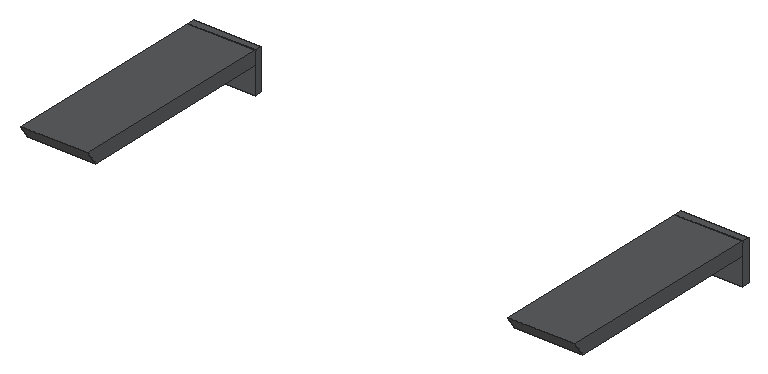
Revit family "Countertop-Supports_Centerline-Brackets_Standard-Plus-Bracket", category Casework, Revit 2024
Family settings
  OmniClass Number = 23.40.35.11
  OmniClass Title = Casework Components
  Work Plane-Based = No
  Always vertical = Yes
  Cut with Voids When Loaded = No
  Shared = No
  Room Calculation Point = No
Parameters (values of type "Load Type Catalog!")
  Width [instance] = Span  # 20 1/2"
  URL = "https://www.countertopbracket.com"
  Span [instance] = if(Number of Brackets = 1, 2 1/2", (Bracket Spacing * (Number of Brackets - 1)) + 2 1/2")  # 20 1/2"
  Product data url = "https://www.bimobject.com/centerline_brackets/product/standard-plus-bracket"
  Product Material = Centerline Brackets - Steel - Powder Coated - Black (B)
  Placement Height [instance] = 36"
  No of Brackets Control [instance] = if(Number of Brackets < 2, 2, Number of Brackets)  # 2
  Number of Brackets [instance] = 2
  Model = "Standard Plus Bracket"
  Maximum Spacing [instance] = 22"  # constant formula
  Manufacturer = "Centerline Brackets"  # constant formula
  Length = 8"
  Keynote = "12000"
  Height = 1 1/2"  # constant formula
  Finish Note = "When choosing an alternative finish, please remember to update the model number to reflect the chosen finish."  # constant formula
  Finish = "Available Powder Coat Finishes; White (W), Black (B)"  # constant formula
  Description = "Standard Plus Bracket"
  Depth = 2 1/2"  # constant formula
  Default Elevation = 0"
  Control [instance] = if(Number of Brackets < 2, 0", if(Bracket Spacing > Maximum Spacing, Maximum Spacing, Bracket Spacing))  # 18"
  Bracket Spacing [instance] = 18"
  Assembly Code = "E2010200"
Reference planes (in)
  plane 1 "Center (Front/Back)": y = 0
  plane 2: z = 0
  plane 3 "Center (Left/Right)": x = 0
  plane 4: z = 36
  plane 5: z = 34.5
  plane 6: y = -8
  plane 7: x = 0
  plane 8: x = 20.5
  plane 9: x = 18
Dimensions and locks (in)
  "Placement Height": plane 4 to plane 2
  "Height": plane 4 to plane 5
  "Length": plane 1 "Center (Front/Back)" to plane 6
  "Control": plane 7 to plane 9
  "Span": plane 7 to plane 8
  group 1 to group 2 = 18"
  group 1 to group 2 = 0"  (x2)
  aligned and locked: plane 2 to level
  aligned and locked: plane 4 to nested 1  (x2)
  aligned and locked: plane 7 to plane 3 "Center (Left/Right)"
  aligned and locked: nested 1 to plane 7
  aligned and locked: plane 1 "Center (Front/Back)" to nested 1
  aligned and locked: nested 2 to plane 9
  aligned and locked: plane 1 "Center (Front/Back)" to nested 2
  aligned and locked: nested 2 to plane 5
  aligned and locked: plane 4 to nested 2  (x2)
Nested families (in)
  nested 1: "StandardPlusBracket" at (1.25, 0, 34.5), type "Geometry"
  nested 2: "StandardPlusBracket" at (19.25, 0, 34.5), type "Geometry"
Definition of nested family "StandardPlusBracket"
  Parameters (values of type "Geometry")
    URL = ""
    Product Material = none
    Manufacturer = ""
    Length = 8"
    Height = 1 1/2"
    Default Elevation = 0"
  Reference planes (in)
    plane 1 "Center (Front/Back)": y = 0
    plane 2: z = 0
    plane 3 "Center (Left/Right)": x = 0
    plane 4: y = -8
    plane 5: z = 1.5
    plane 6: x = -1.25
    plane 7: x = 1.25
    plane 8: y = -0.7
    plane 9: y = -1.42
    plane 10: y = -2.5
    plane 11: y = -3.18
    plane 12: x = -0.85
    plane 13: x = -0.5
    plane 14: x = 0.54
    plane 15: x = 0.79
    plane 16: y = -0.25
    plane 17: z = 0.5
  Forms (in)
    Extrusion 1, solid, material <- "Product Material"
      sketch origin (0, 0, 0) x (0, 1, 0) y (0, 0, 1)
        loop
          line (-0.25, 1) -> (-0.25, 1.5) -> (-8, 1.5) -> (-7.6499, 1) -> (-0.25, 1)
      from -1.25 to 1.25
    Extrusion 2, solid, material <- "Product Material"
      sketch origin (0, 0, 0) x (0, 1, 0) y (0, 0, 1)
        loop
          line (-0.25, 1.5) -> (-0.25, 0) -> (0, 0) -> (0, 1.5) -> (-0.25, 1.5)
      from -1.25 to 1.25
  Lines and regions (in)
    Masking region 1
      outline origin (0, 0, 0) x (1, 0, 0) y (0, 1, 0)
        loop
          line (-1.25, 0) -> (-1.25, -8) -> (1.25, -8) -> (1.25, 0) -> (-1.25, 0)
    symbolic lines, detail levels medium+fine
      curve 1: circle (-0.85, -0.7, 0) r 0.255 normal (0, 0, 1)
      curve 2: circle (0.54, -1.42, 0) r 0.255 normal (0, 0, 1)
      curve 3: circle (-0.5, -2.5, 0) r 0.255 normal (0, 0, 1)
      curve 4: circle (0.79, -3.18, 0) r 0.255 normal (0, 0, 1)
    model lines, detail levels medium+fine
      curve 5: circle (-0.85, -0.7, 1.5) r 0.255 normal (0, 0, 1)
      curve 6: circle (0.54, -1.42, 1.5) r 0.255 normal (0, 0, 1)
      curve 7: circle (-0.5, -2.5, 1.5) r 0.255 normal (0, 0, 1)
      curve 8: circle (0.79, -3.18, 1.5) r 0.255 normal (0, 0, 1)
      curve 9: circle (0, -0.25, 0.5) r 0.13 normal (0, -1, 0)
  Dimensions and locks (in)
    "Length": plane 1 "Center (Front/Back)" to plane 4
    "Height": plane 5 to plane 2
    locked: plane 8 to plane 1 "Center (Front/Back)" at 0.7
    locked: plane 9 to plane 1 "Center (Front/Back)" at 1.42
    locked: plane 10 to plane 1 "Center (Front/Back)" at 2.5
    locked: plane 11 to plane 1 "Center (Front/Back)" at 3.18
    locked: plane 12 to plane 7 at 2.1
    locked: plane 13 to plane 7 at 1.75
    locked: plane 14 to plane 7 at 0.71
    locked: plane 15 to plane 7 at 0.46
    locked: plane 1 "Center (Front/Back)" to plane 16 at 0.25
    locked: plane 17 to plane 5 at 1
    locked: Extrusion 1 sketch curve to plane 4 (angle 35.00°)
    aligned and locked: plane 2 to level
    aligned and locked: plane 4 to Extrusion 1 sketch curve
    aligned and locked: plane 5 to Extrusion 1 sketch curve
    aligned and locked: plane 1 "Center (Front/Back)" to Masking region 1 sketch curve
    aligned and locked: plane 4 to Masking region 1 sketch curve
    aligned and locked: plane 12 to curve 1
    aligned and locked: plane 13 to curve 3
    aligned and locked: plane 14 to curve 2
    aligned and locked: plane 15 to curve 4
    aligned and locked: plane 11 to curve 4
    aligned and locked: plane 10 to curve 3
    aligned and locked: plane 9 to curve 2
    aligned and locked: plane 8 to curve 1
    aligned and locked: Extrusion 1 to plane 16
    aligned and locked: plane 16 to Extrusion 2 sketch curve
    aligned and locked: plane 1 "Center (Front/Back)" to Extrusion 2 sketch curve
    aligned and locked: plane 5 to Extrusion 2 sketch curve
    aligned and locked: level to Extrusion 2 sketch curve
    aligned and locked: Extrusion 2 to plane 6
    aligned and locked: plane 7 to Extrusion 2
  Automatic sketch dimensions
    plane 4 to Extrusion 1 sketch curve = 0.3501"
    plane 1 "Center (Front/Back)" to Extrusion 1 sketch curve = 1/4"
    Masking region 1 sketch curve to plane 3 "Center (Left/Right)" = 1 1/4"
    plane 3 "Center (Left/Right)" to Masking region 1 sketch curve = 1 1/4"
    curve 8 to plane 11 = 0"
    curve 7 to plane 10 = 0"
    curve 6 to plane 9 = 0"
    curve 5 to plane 8 = 0"
    curve 8 to plane 15 = 0"
    curve 6 to plane 14 = 0"
    curve 7 to plane 13 = 0"
    curve 5 to plane 12 = 0"
    Extrusion 2 to curve 9 = 1/2"
    Extrusion 2 to curve 9 = 1 1/4"
    radius of curve 1 = 0.255"
    radius of curve 2 = 0.255"
    radius of curve 3 = 0.255"
    radius of curve 4 = 0.255"
    radius of curve 5 = 0.255"
    radius of curve 6 = 0.255"
    radius of curve 7 = 0.255"
    radius of curve 8 = 0.255"
    radius of curve 9 = 0.13"
